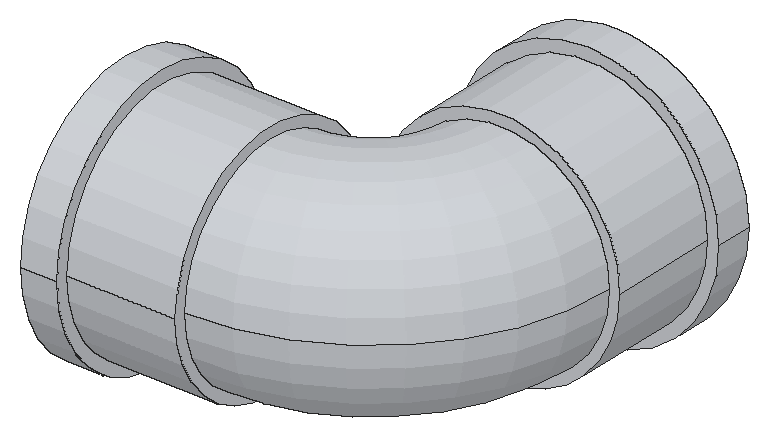
Revit family "Cotovelo - PVC - CW", category Conexões de tubo, Revit 2019
Family settings
  Cota do conector redondo = Usar raio
  Tipo de parte = Cotovelo
  ID de item do Seek = Elbow - Generic-0000-CAN-ENU
  Com base no plano de trabalho = Não
  Sempre na vertical = Sim
  Corte com vazios quando carregada = Não
  Compartilhado = Não
Parameters (values of type "Padrão")
  Tamanho da marca de revisão [instance] = Diâmetro externo da conexão * 0.4  # 9.6 mm
  Raio nominal [instance] = 10 mm
  Diâmetro nominal [instance] = Raio nominal * 2  # 20 mm
  Método de perda = Coeficiente K da tabela
  Nome da tabela de pesquisa = "BR_Elbow - PVC - CW"
  Tabela de coeficiente K = "Cotovelo regular 45, 90 e 180"
  Raio externo da conexão [instance] = Diâmetro externo da conexão / 2  # 12 mm
  Diâmetro externo da conexão [instance] = size_lookup(Nome da tabela de pesquisa, "FOD", 1.1976 * Diâmetro nominal + 0.20 mm, Diâmetro nominal)  # 24 mm
  Description = ""
  Centro para a parte inferior do soquete [instance] = Raio do centro * tan(Ângulo / 2)  # 14 mm
  Raio do centro [instance] = size_lookup(Nome da tabela de pesquisa, "CRad", 0.6587 * Diâmetro nominal + 1.50 mm, Diâmetro nominal)  # 14 mm
  Espessura do anel [instance] = Profundidade do soquete * 0.25  # 4 mm
  Profundidade do soquete [instance] = size_lookup(Nome da tabela de pesquisa, "SDpt", 0.5521 * Diâmetro nominal + 4.10 mm, Diâmetro nominal)  # 16 mm
  Raio externo do anel [instance] = Raio externo do soquete * 1.1  # 14.52 mm
  Raio externo do soquete [instance] = Raio externo da conexão * 1.1  # 13.2 mm
  Ângulo [instance] = 90.00°
Reference planes
  plane 1 "Centro (Frente/Trás)": y = 0
  plane 2: z = 0
  plane 3 "Centro (Esquerda/Direita)": x = 0
  plane 4: x = -14
  plane 5: y = 14
  plane 6: y = 9.6
  plane 7: y = -9.6
Forms (mm)
  Sweep 1, solid, detail levels fine
    path in 3D
      loop
        arc (-14, 0, 0) -> (-4.101, 4.101, 0) -> (0, 14, 0) r 14
    profile origin (-4.101, 4.101, 0) x (-0.707107, 0.707107, 0) y (0, 0, 1)
      loop
        circle (0, 0) r 12
  Sweep 2, solid, detail levels fine
    path in 3D
      loop
        line (0, 14, 0) -> (0, 30, 0)
    profile origin (0, 22, 0) x (-1, 0, 0) y (0, 0, 1)
      loop
        circle (0, 0) r 13.2
  Sweep 3, solid, detail levels fine
    path in 3D
      loop
        line (-14, 0, 0) -> (-30, 0, 0)
    profile origin (-22, 0, 0) x (0, -1, 0) y (0, 0, 1)
      loop
        circle (0, 0) r 13.2
  Sweep 4, solid, detail levels fine
    path in 3D
      loop
        line (0, 30, 0) -> (0, 26, 0)
    profile origin (0, 28, 0) x (1, 0, 0) y (0, 0, 1)
      loop
        circle (0, 0) r 14.52
  Sweep 5, solid, detail levels fine
    path in 3D
      loop
        line (-30, 0, 0) -> (-26, 0, 0)
    profile origin (-28, 0, 0) x (0, 1, 0) y (0, 0, 1)
      loop
        circle (0, 0) r 14.52
Cuts and joins
  joined: Sweep 1, Sweep 2, Sweep 3, Sweep 4, Sweep 5
Lines and regions (mm)
  reference lines
    curve 1: line (-14, 14, 0) -> (30.45, 14, 0)
    curve 2: arc (-14, 0, 0) -> (-4.101, 4.101, 0) -> (0, 14, 0) r 14
    curve 3: line (0, 0, 0) -> (0, 19.05, 0)
    curve 4: line (-9.6, 14, 0) -> (-9.6, -26.222, 0)
    curve 5: line (9.6, 0, 0) -> (9.6, 14, 0)
    curve 8: line (-14, 0, 0) -> (-30, 0, 0)
    curve 9: line (0, 14, 0) -> (0, 30, 0)
    curve 12: line (0, 30, 0) -> (0, 26, 0)
    curve 14: line (-30, 0, 0) -> (-26, 0, 0)
  model lines, detail levels coarse+medium
    curve 6: arc (-14, 0, 0) -> (-4.101, 4.101, 0) -> (0, 14, 0) r 14
    curve 16: line (-30, -9.6, 0) -> (-30, 9.6, 0)
    curve 17: line (-14, 0, 0) -> (-30, 0, 0)
    curve 18: line (-9.6, 30, 0) -> (9.6, 30, 0)
    curve 19: line (0, 14, 0) -> (0, 30, 0)
  sketch lines
    curve 7: arc (-14, 0, 0) -> (-4.101, 4.101, 0) -> (0, 14, 0) r 14
    curve 10: line (0, 14, 0) -> (0, 30, 0)
    curve 11: line (-14, 0, 0) -> (-30, 0, 0)
    curve 13: line (0, 30, 0) -> (0, 26, 0)
    curve 15: line (-30, 0, 0) -> (-26, 0, 0)
Dimensions and locks
  "Centro para a parte inferior do soquete": plane 4 to plane 3 "Centro (Esquerda/Direita)"
  "Raio do centro": plane 5 to plane 1 "Centro (Frente/Trás)"
  "Tamanho da marca de revisão": plane 6 to plane 1 "Centro (Frente/Trás)"
  "Tamanho da marca de revisão": plane 7 to plane 1 "Centro (Frente/Trás)"
  "Tamanho da marca de revisão": curve 3 to curve 4
  "Tamanho da marca de revisão": curve 5 to curve 3
  "Profundidade do soquete": curve 9 to curve 9
  "Profundidade do soquete": curve 8 to curve 8
  "Espessura do anel": curve 12 to curve 12
  "Espessura do anel": curve 14 to curve 14
  "Raio do centro": radius of curve 2
  "Raio externo da conexão": radius of Sweep 1 sketch curve
  "Raio externo do soquete": radius of Sweep 2 sketch curve
  "Raio externo do soquete": radius of Sweep 3 sketch curve
  "Raio externo do anel": radius of Sweep 4 sketch curve
  "Raio externo do anel": radius of Sweep 5 sketch curve
  "Ângulo": angle plane 4 to curve 1
  "Ângulo": angle curve 2 to curve 2
  "Ângulo": angle plane 1 "Centro (Frente/Trás)" to curve 3
  "Ângulo": angle curve 6 to curve 6
  angle curve 9 to curve 1 = 90.00°
  angle curve 12 to curve 1 = 90.00°
  angle curve 18 to curve 5 = 90.00°
  angle curve 19 to curve 1 = 90.00°
  aligned and locked: plane 4 to curve 1
  aligned and locked: plane 5 to curve 1
  aligned and locked: plane 5 to curve 2
  aligned and locked: plane 4 to curve 2  (x2)
  aligned and locked: plane 1 "Centro (Frente/Trás)" to curve 3
  aligned and locked: plane 3 "Centro (Esquerda/Direita)" to curve 3
  aligned and locked: curve 6 to curve 2
  aligned and locked: plane 6 to curve 16
  aligned and locked: plane 7 to curve 16
  aligned and locked: curve 16 to curve 14
  aligned and locked: curve 5 to curve 18
  aligned and locked: curve 18 to curve 4
  aligned and locked: curve 18 to curve 12
Automatic sketch dimensions
  Sweep 1 sketch curve to profile plane = 0.00 mm
  profile plane to Sweep 1 sketch curve = 0.00 mm
  curve 1 to curve 5 = 0.00 mm
  curve 1 to curve 4 = 0.00 mm
  curve 3 to curve 5 = 0.00 mm
  curve 4 to curve 1 = 40.222 mm
  Sweep 2 sketch curve to profile plane = 0.00 mm  (x2)
  Sweep 3 sketch curve to profile plane = 0.00 mm  (x2)
  profile plane to Sweep 4 sketch curve = 0.00 mm
  Sweep 4 sketch curve to profile plane = 0.00 mm
  Sweep 5 sketch curve to profile plane = 0.00 mm  (x2)
Connectors
  piping at (-30, 0, 0), diameter 20, driven by "Raio nominal", driven by "Ângulo"
    settings: on cut or joined group of Sweep 1, Sweep 2, Sweep 3, Sweep 4, Sweep 5, index 1, connector inside diameter 20 mm, connector length 0.00 mm, flow factor 0, pipe flow 0.0 L/s, pressure drop 0.0 Pa, fitting loss kfactor 0, connector angle 90.00°, fixture units 0, engagement length 0.00 mm, angle of deflection 0.00°, flow configuration 0, flow direction 0, fitting loss method 0, system type 28, joint type 0, gender type 0, connector reference index 2, connector utility 0, adjustable connector no, is connector primary yes, connector description ""
  piping at (0, 30, 0), diameter 20, driven by "Raio nominal", driven by "Ângulo"
    settings: on cut or joined group of Sweep 1, Sweep 2, Sweep 3, Sweep 4, Sweep 5, index 2, connector inside diameter 20 mm, connector length 0.00 mm, flow factor 0, pipe flow 0.0 L/s, pressure drop 0.0 Pa, fitting loss kfactor 0, connector angle 90.00°, fixture units 0, engagement length 0.00 mm, angle of deflection 0.00°, flow configuration 0, flow direction 0, fitting loss method 0, system type 28, joint type 0, gender type 0, connector reference index 1, connector utility 0, adjustable connector no, is connector primary no, connector description ""
